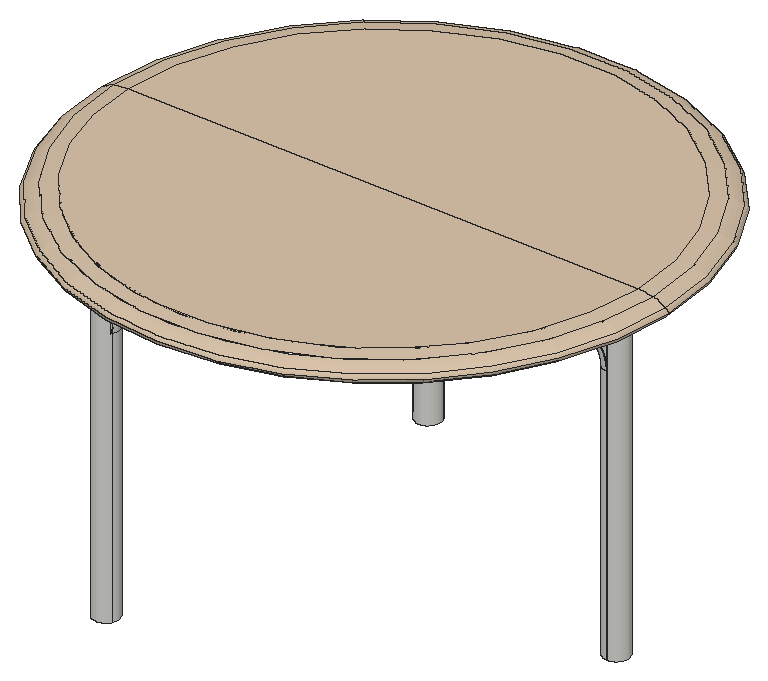
Revit family "Haworth_Openest_SprigTable_Round", category Furniture, Revit 2018
Family settings
  OmniClass Number = 23.40.20.00
  OmniClass Title = General Furniture and Specialties
  Work Plane-Based = No
  Always vertical = Yes
  Cut with Voids When Loaded = No
  Shared = No
  Room Calculation Point = No
Parameters (values of type "24in D Table")
  Warranty = "http://www.haworth.com/resources/product-info/warranties"
  URL = "http://www.haworth.com"
  Top Finish [instance] = Haworth _ Wood _ White Oak
  Sustainability Info = "https://www.haworth.com/na/en/expertise/sustainability.html"
  Size = "Verify Final Dim. w/ Haworth"  # constant formula
  Product Page URL = "https://www.haworth.com/na/en/products/side-occasional/openest-sprig.html"
  Leg Width = if([16in Diameter], Radius - 0' 1 97/256", Radius - 0' 1 187/256")  # 0' - 10 69/256"
  Revision No. = "2"  # constant formula
  Radius = if([16in Diameter], 0' 8", 1' 0")  # 1' - 0"
  Leg Height = Height - 0' 0 63/64"  # 1' - 1 1/64"
  Model = "Haworth - Openest Sprig Table - Round"  # constant formula
  Manufacturer = "Haworth"  # constant formula
  Leg Finish [instance] = Haworth _ Paint _ Vapor
  Height = if([16in Diameter], 1' 5", 1' 2")  # 1' - 2"
  Description = "Sprig Table Table"  # constant formula
  Author = "SHAPE Environments, LLC"  # constant formula
  Assembly Code = "E2020200"
  24in Diameter = not([16in Diameter])  # yes
  16in Diameter = no
Types (2): name | Leg Width | Radius | Leg Height | Height | 24in Diameter | 16in Diameter
  16in D Table | 0' - 6 159/256" | 0' - 8" | 1' - 4 1/64" | 1' - 5" | no | yes
  24in D Table | 0' - 10 69/256" | 1' - 0" | 1' - 1 1/64" | 1' - 2" | yes | no
Reference planes (in)
  plane 1 "Center Front/Back": y = 0
  plane 2: z = 0
  plane 3 "Center Left/Right": x = 0
  plane 4: x = -12
  plane 5: x = 12
  plane 6 "Table Top": z = 14
  plane 7: z = 13.01575
  plane 8: through (-0.43467, -0.28997, 48) normal (-0.5, 0.866, 0)
  plane 9: x = -0.03379
  plane 10: through (-0.43467, 0.28997, 48) normal (0.5, 0.866, 0)
Forms (in)
  Revolve 1, solid, material "Haworth _ Wood _ White Oak" <- "Top Finish"
    sketch origin (0, 0, 0) x (1, 0, 0) y (0, 0, 1)
      loop
        line (0, 14) -> (-10.65535, 14)
        arc (-10.65535, 14) -> (-10.96375, 13.97099) -> (-11.26845, 13.9152) r 3.55076
        arc (-11.26845, 13.9152) -> (-11.54381, 13.82073) -> (-11.79319, 13.67052) r 1.37818
        arc (-11.79319, 13.67052) -> (-11.86292, 13.59815) -> (-11.90707, 13.50787) r 0.32344
        arc (-11.90707, 13.50787) -> (-11.86292, 13.4176) -> (-11.79319, 13.34523) r 0.32344
        arc (-11.79319, 13.34523) -> (-11.54381, 13.19502) -> (-11.26845, 13.10055) r 1.37818
        arc (-11.26845, 13.10055) -> (-10.96375, 13.04476) -> (-10.65535, 13.01575) r 3.55076
        line (-10.65535, 13.01575) -> (0, 13.01575) -> (0, 14)
      axis (0, 14) -> (0, 13.01575)
    angle from 0 to 360
Lines and regions (in)
  Masking region 1
    outline origin (0, 0, 14) x (-1, 0, 0) y (0, -1, 0)
      loop
        circle (0, 0) r 12
Dimensions and locks (in)
  equal spacing: plane 4, plane 3 "Center Left/Right", plane 5
  "Height": plane 6 "Table Top" to level
  "Radius": plane 3 "Center Left/Right" to plane 4
  plane 5 to plane 4 = 2' - 0"
  locked: plane 6 "Table Top" to plane 7 at 0.98425
  "Radius": radius of Masking region 1 sketch curve
  aligned and locked: level to plane 2
  aligned and locked: nested 3 to plane 7
  aligned and locked: plane 7 to nested 2
  aligned and locked: nested 1 to plane 7
  aligned and locked: plane 8 to nested 2
  aligned and locked: plane 9 to nested 1
  aligned and locked: plane 10 to nested 3
Automatic sketch dimensions
  Revolve 1 sketch curve to plane 6 "Table Top" = 0' - 0"
  Revolve 1 sketch curve to plane 3 "Center Left/Right" = 0' - 0"  (x2)
  plane 4 to Revolve 1 sketch curve = 0' - 1.52272"  (x2)
  plane 4 to Revolve 1 sketch curve = 0' - 1.34465"
  Revolve 1 sketch curve to Revolve 1 sketch curve = 0' - 0"  (x6)
  Revolve 1 sketch curve to Revolve 1 sketch curve = 0' - 0.30602"  (x2)
  Revolve 1 sketch curve to Revolve 1 sketch curve = 0' - 0.30708"  (x2)
  Revolve 1 sketch curve to plane 6 "Table Top" = 0' - 0.0848"
  plane 4 to Revolve 1 sketch curve = 0' - 0.40203"
  Revolve 1 sketch curve to Revolve 1 sketch curve = 0' - 0.19521"  (x2)
  plane 4 to Revolve 1 sketch curve = 0' - 0.09293"
  Revolve 1 sketch curve to level = 2' - 0"
  Revolve 1 sketch curve to Revolve 1 sketch curve = 0' - 0.44408"
  Revolve 1 sketch curve to Revolve 1 sketch curve = 6' - 3.76981"
  plane 1 "Center Front/Back" to Masking region 1 sketch curve = 0' - 0"
  Masking region 1 sketch curve to plane 3 "Center Left/Right" = 0' - 0"
Nested families (in)
  nested 1: "Family1" at (10.23574, -0.01354, 13.01575) x (-1, 0, 0) z (0, 0, 1), type "Family1"
    with Leg Width 0' - 10 69/256", Leg Height 1' - 1 1/64"
  nested 2: "Family1" at (-5.1296, 8.85764, 13.01575) x (0.5, -0.866, 0) z (0, 0, 1), type "Family1"
    with Leg Width 0' - 10 69/256", Leg Height 1' - 1 1/64"
  nested 3: "Family1" at (-5.1296, -8.85764, 13.01575) x (0.5, 0.866, 0) z (0, 0, 1), type "Family1"
    with Leg Width 0' - 10 69/256", Leg Height 1' - 1 1/64"
Definition of nested family "Family1"
  Parameters
    Table Legs = none
    Leg Width = 0' - 6.84671"
    Leg Height = 1' - 5"
  Reference planes (in)
    plane 1 "Center Front/Back": y = 0
    plane 2: z = 0
    plane 3 "Center Left/Right": x = 0
    plane 4: x = 6.84671
    plane 5: z = -17
  Forms (in)
    Extrusion 1, solid, material <- "Table Legs"
      sketch origin (6.5873, -0.01354, -16.01575) x (-1, 0, 0) y (0, -1, 0)
        loop
          line (6.07943, 0.49433) -> (6.07943, -0.52142)
          arc (6.07943, -0.52142) -> (6.5873, -0.01354) -> (6.07943, 0.49433) r 0.50788
      from -0.98425 to 16.01575
    Sweep 2, solid, material <- "Table Legs"
      path origin (6.3077, 0.52373, -15.90349) x (-1, 0, 0) y (0, 0, 1)
        loop
          line (5.79982, -1.09651) -> (5.79982, 13.69262)
          arc (5.79982, 13.69262) -> (5.32959, 14.82787) -> (4.19435, 15.2981) r 1.60548
          line (4.19435, 15.2981) -> (-0.53901, 15.2981)
      profile origin (0.50788, 0.52373, -9.60543) x (1, 0, 0) y (0, 1, 0)
        loop
          arc (0, -1.02373) -> (0.5, -0.52373) -> (0, -0.02373) r 0.5
          line (0, -0.02373) -> (0, -1.02373)
    Extrusion 3, solid, material <- "Table Legs"
      sketch origin (0.48963, -0.50788, -16.01575) x (1, 0, 0) y (0, 0, 1)
        loop
          line (6.35708, 16.01575) -> (0, 16.01575) -> (0, 13.82137)
          arc (0, 13.82137) -> (0.4654, 14.94495) -> (1.58899, 15.41035) r 1.58899
          line (1.58899, 15.41035) -> (6.35708, 15.41035) -> (6.35708, 16.01575)
      from -1.01575 to 0
  Dimensions and locks (in)
    "Leg Width": plane 4 to plane 3 "Center Left/Right"
    "Leg Height": plane 5 to level
    aligned and locked: level to plane 2
    aligned and locked: Extrusion 1 to plane 5
  Automatic sketch dimensions
    plane 1 "Center Front/Back" to Extrusion 1 sketch curve = 0' - 0"
    plane 3 "Center Left/Right" to Extrusion 1 sketch curve = 0' - 0.50788"
    Extrusion 1 sketch curve to Extrusion 1 sketch curve = 0' - 0.50788"
    Sweep 2 sketch curve to profile plane = 0' - 0"
    Sweep 2 sketch curve to profile plane = 0' - 1.02373"
    Sweep 2 sketch curve to Sweep 2 sketch curve = 0' - 0 1/2"
    plane 4 to Extrusion 3 sketch curve = 0' - 0"
    plane 3 "Center Left/Right" to Extrusion 3 sketch curve = 0' - 2.07861"
    plane 3 "Center Left/Right" to Extrusion 3 sketch curve = 0' - 0.48963"
    Extrusion 3 sketch curve to level = 0' - 2.19438"
    Extrusion 3 sketch curve to Extrusion 3 sketch curve = 0' - 0.60539"
    plane 4 to Sweep 2 sketch curve = 0' - 0"
    Sweep 2 sketch curve to plane 5 = 0' - 0"
    plane 3 "Center Left/Right" to Sweep 2 sketch curve = 0' - 2.11335"
    plane 3 "Center Left/Right" to Sweep 2 sketch curve = 0' - 0.50788"
    Sweep 2 sketch curve to level = 0' - 2.21087"
